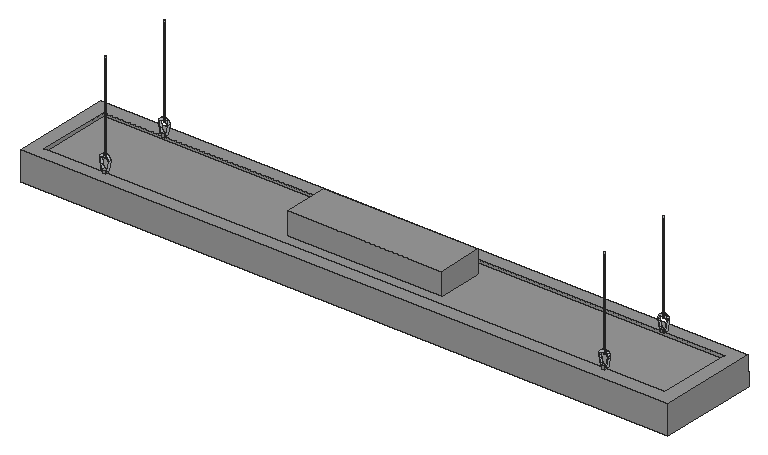
Revit family "HEFTY_4000K_8400LM_61W", category Lighting Fixtures, host Ceiling, Revit 2021
Family settings
  Host = Ceiling
  Round Connector Dimension = Use Diameter
  Part Type = Normal
  OmniClass Number = 23.80.70.11
  OmniClass Title = Luminaries for Internal Lighting
  Always vertical = Yes
  Cut with Voids When Loaded = No
  Light Source = Yes
  Shared = No
  Room Calculation Point = No
Parameters (values of type "Type 1")
  Wattage = 56.5497 W
  built-in parameter 1150110 = 1 (stored number, unit not read)
  Type de lampe = "LED Mid Power"
  Type = "Luminaire industriel"
  built-in parameter 1114217 = 1 (stored number, unit not read)
  Tilt Angle = 90.00°
  Tension = "AC 220-240V"
  built-in parameter 1150109 = 1 (stored number, unit not read)
  built-in parameter 1150134 = 12
  built-in parameter 1150113 = 1 (stored number, unit not read)
  SDCM = "<3"
  Puissance nominale = "61W"
  Poids = "6 kg"
  Photometric Web File = "google_eulumdat_converter (6).ies"
  Matériau = "Acier galvanisé blanc"
  Maintien du flux = "L80B10 (50 000 heures)"
  Lumens = 8400 lm
  built-in parameter 1150115 = 1 (stored number, unit not read)
  built-in parameter 1150105 = 668.45 (stored number, unit not read)
  built-in parameter 1150137 = (empty or 0)
  built-in parameter 1150139 = (empty or 0)
  built-in parameter 1150112 = 1 (stored number, unit not read)
  built-in parameter 1150114 = 1 (stored number, unit not read)
  built-in parameter 1150132 = 2
  built-in parameter 1150102 = (empty or 0)
  built-in parameter 1150138 = (empty or 0)
  built-in parameter 1150107 = 4000 (stored number, unit not read)
  built-in parameter 1150106 = 6.6845 (stored number, unit not read)
  IRC = ">80"
  Emit from Rectangle Width = 609.6 mm
  Emit from Rectangle Length = 1219.2 mm
  Emit Shape Visible in Rendering = no
  built-in parameter 1150104 = 13.8 (stored number, unit not read)
  Durée de vie = "50 000 heures"
  Driver = "Driver Osram"
  Dimming Lamp Color Temperature Shift = <None>
  Dimensions = "1220x190x90 mm"
  Diffuseur = "Polycarbonate Opale"
  Default Elevation = 0 mm
  Color Filter = 16777215
  built-in parameter 1114218 = 1 (stored number, unit not read)
  built-in parameter 1150133 = 10 (stored number, unit not read)
  Angle d'éclairage = "90°"
Reference planes
  plane 1 "Light Source Axis (F/B)": y = 0
  plane 2: z = 0
  plane 3 "Light Source Axis (L/R)": x = 0
  plane 4 "Ceiling": z = 4000
  plane 5 "Light Source Elevation": z = 3750
Forms (mm)
  Extrusion 1, solid, material "Steel, Galvanized"
    sketch origin (0, 0, 4000) x (0, 1, 0) y (-1, 0, 0)
      loop
        line (95, 610) -> (-95, 610) -> (-95, -610) -> (95, -610) -> (95, 610)
      loop
        line (70, 585) -> (-70, 585) -> (-70, -585) -> (70, -585) -> (70, 585)
    from -250 to -196.102
  Extrusion 2, solid, material "Steel, Galvanized"
    sketch origin (0, 0, 4000) x (0, 1, 0) y (-1, 0, 0)
      loop
        line (70, 585) -> (-70, 585) -> (-70, -585) -> (70, -585) -> (70, 585)
    from -201.474 to -207.22
  Extrusion 3, solid, material "Steel, Galvanized"
    sketch origin (0, 0, 4000) x (0, 1, 0) y (-1, 0, 0)
      loop
        line (43.191, 147.964) -> (-41.809, 147.964) -> (-41.809, -142.036) -> (43.191, -142.036) -> (43.191, 147.964)
    from -207.22 to -160
  Extrusion 4, solid, material "Steel, Galvanized"
    sketch origin (195.234, -0.407, 4000) x (0, -1, 0) y (1, 0, 0)
      loop
        line (71.862, 277.481) -> (66.862, 277.481) -> (66.862, 272.481) -> (71.862, 272.481) -> (71.862, 277.481)
    from -196.102 to -190.59
  Extrusion 5, solid
    sketch origin (195.234, -0.407, 0) x (-1, 0, 0) y (0, 0, -1)
      loop
        line (-273.652, -3806.915) -> (-276.521, -3806.915) -> (-281.412, -3807.954) -> (-284.54, -3827.708)
        arc (-284.54, -3827.708) -> (-274.506, -3835.045) -> (-266.484, -3825.549) r 9.115
        line (-266.484, -3825.549) -> (-270.251, -3807.826) -> (-273.652, -3806.915)
      loop
        line (-274.011, -3807.991) -> (-276.306, -3807.991) -> (-279.848, -3808.744) -> (-282.81, -3827.45)
        arc (-282.81, -3827.45) -> (-274.423, -3831.527) -> (-267.537, -3825.237) r 8.303
        line (-267.537, -3825.237) -> (-271.034, -3808.788) -> (-274.011, -3807.991)
    from 67.418 to 71.074
  Extrusion 6, solid, material "Glass, White, High Luminance"
    sketch origin (0, 0, 4000) x (0, 1, 0) y (-1, 0, 0)
      loop
        line (70, 585) -> (-70, 585) -> (-70, -585) -> (70, -585) -> (70, 585)
    from -250 to -245.079
  Extrusion 7, solid
    sketch origin (195.234, -0.407, 4000) x (0, -1, 0) y (1, 0, 0)
      loop
        circle (68.947, 275) r 1.348
    from -170.446 to 0
  Extrusion 8, solid, material "Steel, Galvanized"
    sketch origin (195.234, 0.407, 4000) x (0, -1, 0) y (1, 0, 0)
      loop
        line (-71.862, 277.481) -> (-71.862, 272.481) -> (-66.862, 272.481) -> (-66.862, 277.481) -> (-71.862, 277.481)
    from -196.102 to -190.59
  Extrusion 9, solid
    sketch origin (195.234, 0.407, 0) x (-1, 0, 0) y (0, 0, 1)
      loop
        line (-273.652, 3806.915) -> (-270.251, 3807.826) -> (-266.484, 3825.549)
        arc (-266.484, 3825.549) -> (-274.506, 3835.045) -> (-284.54, 3827.708) r 9.115
        line (-284.54, 3827.708) -> (-281.412, 3807.954) -> (-276.521, 3806.915) -> (-273.652, 3806.915)
      loop
        line (-274.011, 3807.991) -> (-271.034, 3808.788) -> (-267.537, 3825.237)
        arc (-267.537, 3825.237) -> (-274.423, 3831.527) -> (-282.81, 3827.45) r 8.303
        line (-282.81, 3827.45) -> (-279.848, 3808.744) -> (-276.306, 3807.991) -> (-274.011, 3807.991)
    from 67.418 to 71.074
  Extrusion 10, solid
    sketch origin (195.234, 0.407, 4000) x (0, -1, 0) y (1, 0, 0)
      loop
        circle (-68.947, 275) r 1.348
    from -170.446 to 0
  Extrusion 11, solid, material "Steel, Galvanized"
    sketch origin (-195.234, 0.407, 4000) x (0, 1, 0) y (-1, 0, 0)
      loop
        line (71.862, 277.481) -> (66.862, 277.481) -> (66.862, 272.481) -> (71.862, 272.481) -> (71.862, 277.481)
    from -196.102 to -190.59
  Extrusion 12, solid
    sketch origin (-195.234, 0.407, 0) x (1, 0, 0) y (0, 0, -1)
      loop
        line (-273.652, -3806.915) -> (-276.521, -3806.915) -> (-281.412, -3807.954) -> (-284.54, -3827.708)
        arc (-284.54, -3827.708) -> (-274.506, -3835.045) -> (-266.484, -3825.549) r 9.115
        line (-266.484, -3825.549) -> (-270.251, -3807.826) -> (-273.652, -3806.915)
      loop
        line (-274.011, -3807.991) -> (-276.306, -3807.991) -> (-279.848, -3808.744) -> (-282.81, -3827.45)
        arc (-282.81, -3827.45) -> (-274.423, -3831.527) -> (-267.537, -3825.237) r 8.303
        line (-267.537, -3825.237) -> (-271.034, -3808.788) -> (-274.011, -3807.991)
    from 67.418 to 71.074
  Extrusion 13, solid
    sketch origin (-195.234, 0.407, 4000) x (0, 1, 0) y (-1, 0, 0)
      loop
        circle (68.947, 275) r 1.348
    from -170.446 to 0
  Extrusion 14, solid, material "Steel, Galvanized"
    sketch origin (-195.234, -0.407, 4000) x (0, 1, 0) y (-1, 0, 0)
      loop
        line (-71.862, 277.481) -> (-71.862, 272.481) -> (-66.862, 272.481) -> (-66.862, 277.481) -> (-71.862, 277.481)
    from -196.102 to -190.59
  Extrusion 15, solid
    sketch origin (-195.234, -0.407, 0) x (1, 0, 0) y (0, 0, 1)
      loop
        line (-273.652, 3806.915) -> (-270.251, 3807.826) -> (-266.484, 3825.549)
        arc (-266.484, 3825.549) -> (-274.506, 3835.045) -> (-284.54, 3827.708) r 9.115
        line (-284.54, 3827.708) -> (-281.412, 3807.954) -> (-276.521, 3806.915) -> (-273.652, 3806.915)
      loop
        line (-274.011, 3807.991) -> (-271.034, 3808.788) -> (-267.537, 3825.237)
        arc (-267.537, 3825.237) -> (-274.423, 3831.527) -> (-282.81, 3827.45) r 8.303
        line (-282.81, 3827.45) -> (-279.848, 3808.744) -> (-276.306, 3807.991) -> (-274.011, 3807.991)
    from 67.418 to 71.074
  Extrusion 16, solid
    sketch origin (-195.234, -0.407, 4000) x (0, 1, 0) y (-1, 0, 0)
      loop
        circle (-68.947, 275) r 1.348
    from -170.446 to 0
Lines and regions (mm)
  reference lines
    curve 1: line (0, 0, 4000) -> (325, 0, 4000)
    curve 2: line (0, 0, 4000) -> (-325, 0, 4000)
    curve 3: line (-325, 0, 4000) -> (-325, 95, 4000)
    curve 4: line (-325, 95, 4000) -> (325, 95, 4000)
    curve 5: line (325, 95, 4000) -> (325, -95, 4000)
    curve 6: line (325, -95, 4000) -> (-325, -95, 4000)
    curve 7: line (-325, -95, 4000) -> (-325, 0, 4000)
    curve 8: line (0, 0, 4000) -> (225, 0, 4000)
    curve 9: line (225, 0, 4000) -> (225, -70, 4000)
    curve 10: line (225, -70, 4000) -> (-275, -70, 4000)
    curve 11: line (-275, 70, 4000) -> (225, 70, 4000)
    curve 12: line (-325, 0, 4000) -> (-300, 0, 4000)
    curve 13: line (-300, 0, 4000) -> (-300, 5, 4000)
    curve 14: line (325, 0, 4000) -> (300, 0, 4000)
    curve 15: line (0, 0, 3750) -> (0, 0, 3840)
    curve 16: line (0, 0, 4000) -> (610, 0, 4000)
    curve 17: line (610, 0, 4000) -> (610, 25, 4000)
    curve 18: line (0, 0, 4000) -> (-610, 0, 4000)
    curve 19: line (0, -70, 4000) -> (470, -70, 4000)
    curve 20: line (470, -70, 4000) -> (470, -55, 4000)
Dimensions and locks
  equal spacing: host sketch curve, plane 3 "Light Source Axis (L/R)", host sketch curve
  equal spacing: host sketch curve, plane 1 "Light Source Axis (F/B)", host sketch curve
  host sketch curve to host sketch curve = 4000 mm  (x2)
  plane 4 "Ceiling" to host ceiling = 0 mm
  aligned and locked: plane 3 "Light Source Axis (L/R)" to imposter light
  aligned and locked: plane 1 "Light Source Axis (F/B)" to imposter light
  aligned and locked: plane 5 "Light Source Elevation" to imposter light
